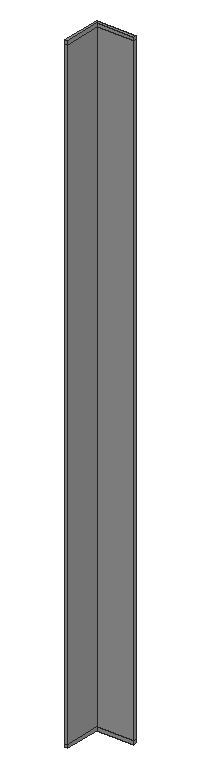
Revit family "Wallprotex WX4 Corner Guard", category Specialty Equipment, host Wall, Revit 2013
Parameters (values of type "3 inch - 4 ft")
  Width 2 = 0' - 2 3/4"
  Width 1 = 0' - 2 3/4"
  URL = "http://wallprotex.com/products/corner-guards/retainer-corner-guard"
  Model = "WX4 Surface Mount Retainer"
  Manufacturer = "Wallprotex"
  Height = 4' - 0"
Types (5): name | Width 2 | Width 1 | Model | Height
  (no name) | 0' - 2 3/4" | 0' - 2 3/4" | "WX4 Surface Mount Retainer" | 4' - 0"
  2 inch - 4 ft | 0' - 1 3/4" | 0' - 1 3/4" | "WX4  Surface Mount Retainer" | 4' - 0"
  3 inch - 8 ft | 0' - 2 3/4" | 0' - 2 3/4" | "WX4 Surface Mount Retainer" | 8' - 0"
  3 inch - 4 ft | 0' - 2 3/4" | 0' - 2 3/4" | "WX4 Surface Mount Retainer" | 4' - 0"
  2 inch - 8 ft | 0' - 1 3/4" | 0' - 1 3/4" | "WX4  Surface Mount Retainer" | 8' - 0"
Reference planes (in)
  plane 1: y = 0
  plane 2 "Center (Left/Right)": x = 0
  plane 3 "Back": y = 4
  plane 4: z = 48
  plane 5: z = 47.75
  plane 6: z = 0.25
  plane 7 "Width 1": y = 1.25
  plane 8: x = 2.75
Forms (in)
  Extrusion 1, solid, material "Wallprotex - Vinyl - Corner Guard"
    sketch origin (29.25, 0, 0) x (1, 0, 0) y (0, 1, 0)
      loop
        line (-29.25, 4) -> (-26.5, 4) -> (-26.5, 4.25) -> (-29.5, 4.25) -> (-29.5, 1.25) -> (-29.25, 1.25) -> (-29.25, 4)
    from 0.25 to 47.75
  Extrusion 2, solid, material "Wallprotex - Vinyl - Corner Guard"
    sketch origin (29.25, 0, 54) x (1, 0, 0) y (0, 1, 0)
      loop
        line (-29.25, 4) -> (-26.5, 4) -> (-26.5, 4.25) -> (-29.5, 4.25) -> (-29.5, 1.25) -> (-29.25, 1.25) -> (-29.25, 4)
    from -6.25 to -6
  Extrusion 3, solid, material "Wallprotex - Vinyl - Corner Guard"
    sketch origin (29.25, 0, 6.25) x (1, 0, 0) y (0, 1, 0)
      loop
        line (-29.25, 4) -> (-26.5, 4) -> (-26.5, 4.25) -> (-29.5, 4.25) -> (-29.5, 1.25) -> (-29.25, 1.25) -> (-29.25, 4)
    from -6.25 to -6
Text (in)
  text "Placement Side" at (0, 40.15149, 123.01588), in view "Right"
  text "Placement Side" at (-58.6842, 42.74981, 0), in view "Ref. Level"
  text "Placement Side" at (0, 47.49176, 140.59947), in view "Left"
Dimensions and locks (in)
  locked: plane 3 "Back" to host wall
  "Height": plane 4 to level
  locked: plane 4 to plane 5 at 0.25
  locked: plane 6 to level at 0.25
  "Width 2": plane 7 "Width 1" to plane 3 "Back"
  "Width 1": plane 2 "Center (Left/Right)" to plane 8
  aligned and locked: plane 5 to Extrusion 1
  aligned and locked: Extrusion 2 to plane 5
  aligned and locked: plane 4 to Extrusion 2
  aligned and locked: Extrusion 2 to Extrusion 1  (x2)
  aligned and locked: plane 8 to Extrusion 1
  aligned and locked: Extrusion 3 to Extrusion 1
Automatic sketch dimensions
  Extrusion 1 sketch curve to plane 7 "Width 1" = 0' - 0"
  Extrusion 1 sketch curve to plane 2 "Center (Left/Right)" = 0' - 0"
  Extrusion 1 sketch curve to host wall = 0' - 0"
  host wall to Extrusion 1 sketch curve = 0' - 0 1/4"
  Extrusion 1 sketch curve to plane 2 "Center (Left/Right)" = 0' - 0 1/4"
  plane 2 "Center (Left/Right)" to Extrusion 1 sketch curve = 0' - 2 3/4"
  Extrusion 2 sketch curve to plane 7 "Width 1" = 0' - 0"
  Extrusion 2 sketch curve to plane 2 "Center (Left/Right)" = 0' - 0"
  Extrusion 2 sketch curve to host wall = 0' - 0"
  host wall to Extrusion 2 sketch curve = 0' - 0 1/4"
  Extrusion 2 sketch curve to plane 2 "Center (Left/Right)" = 0' - 0 1/4"
  plane 2 "Center (Left/Right)" to Extrusion 2 sketch curve = 0' - 2 3/4"
  Extrusion 3 sketch curve to plane 7 "Width 1" = 0' - 0"
  Extrusion 3 sketch curve to plane 2 "Center (Left/Right)" = 0' - 0"
  Extrusion 3 sketch curve to host wall = 0' - 0"
  host wall to Extrusion 3 sketch curve = 0' - 0 1/4"
  Extrusion 3 sketch curve to plane 2 "Center (Left/Right)" = 0' - 0 1/4"
  plane 2 "Center (Left/Right)" to Extrusion 3 sketch curve = 0' - 2 3/4"
